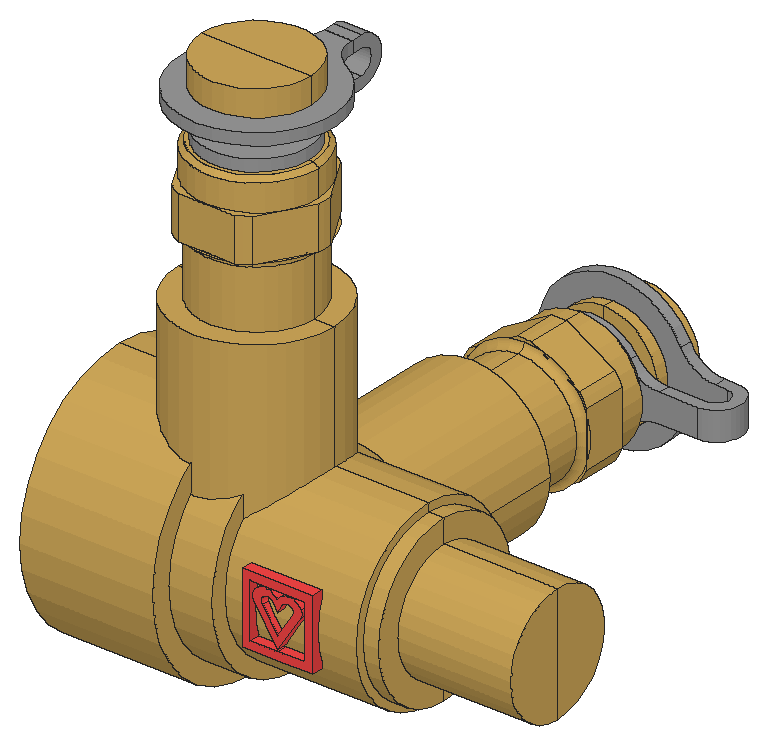
Revit family "Messblende 4000", category Rohrzubehör, Revit 2021
Family settings
  Bemaßung runder Anschluss = Durchmesser verwenden
  Teiletyp = Unterbricht
  OmniClass-Nummer = 23.65.55.14
  OmniClass-Titel = Valves for Liquid Services
  Arbeitsebenenbasiert = Nein
  Immer vertikal = Ja
  Beim Laden mit Abzugskörper schneiden = Nein
  Gemeinsam genutzt = Nein
Parameters
  kvs-Wert [instance] = if(Nennweite = 15.00 mm, 2.2, if(Nennweite = 20.00 mm, 4.25, if(Nennweite = 25.00 mm, 8.6, if(Nennweite = 32.00 mm, 15.9, if(Nennweite = 40.00 mm, 23.7, if(Nennweite = 50.00 mm, 48, 0))))))  # 2.2
  Vorgabe-Ansicht = 0.00 mm
  Verwendung = "HERZ-Messblenden werden in die Strangleitungen von Warmwasser- Zentralheizungsanlagen sowie Kühlanlagen eingebaut und ermöglichen den hydraulischen Abgleich der Strangleitungen untereinander.\r\nDer Einsatz der Messblenden ist im Vorlauf als auch im Rücklauf möglich.\r\nSie werden entweder eng gekoppelt an ein HERZ- Strangregulierventil installiert, um ein komplettes Set zu bilden oder in Verbindung mit einer HERZ Absperrarmatur eingesetzt.\r\nDie Einregulierung des Stranges wird durch Einstellen des Strangregulierventiles während der Druckverlustmessung an der Messblende vorgenommen."
  URL = "www.herz-armaturen.at"
  SCRNSEQ = "AWI;AWI_TYP=\"1001\";02"
  SCRNCODE = "02;01;02"  # constant formula
  S03 = 10.00 mm  # constant formula
  S02 [instance] = S01 - 10.00 mm  # 17.50 mm
  S01 [instance] = H01  # 27.50 mm
  R01 [instance] = size_lookup("4000_", "R1", 1.00 mm, Nennweite)  # 10.00 mm
  Nennweite [instance] = 15.00 mm
  Min. Betriebstemperatur = -20 °C  # constant formula
  Messventile = "Messing, CW602N"  # constant formula
  Medium = "Heizungswasserqualität nach ÖNORM H 5195 oder VDI-Richtline 2035.\r\nDie Verwendung von Ethylen- oder Propylenglykol in einem Mischungsverhältnis 25 - 50 Vol.-% ist zulässig."
  Max. Betriebstemperatur (bis DN32) = 130 °C  # constant formula
  Max. Betriebstemperatur (ab DN40) = 110 °C  # constant formula
  Max. Betriebsdruck = 2000000.0 Pa  # constant formula
  LO01 [instance] = if(Nennweite = 15.00 mm, 30.00 mm, if(Nennweite = 20.00 mm, 32.00 mm, if(Nennweite = 25.00 mm, 37.00 mm, if(Nennweite = 32.00 mm, 42.00 mm, if(Nennweite = 40.00 mm, 42.00 mm, if(Nennweite = 50.00 mm, 45.00 mm, 0.00 mm))))))  # 30.00 mm
  L05 [instance] = size_lookup("4000_", "L5", 1.00 mm, Nennweite)  # 23.00 mm
  L04 [instance] = size_lookup("4000_", "L4", 1.00 mm, Nennweite)  # 16.50 mm
  L03 [instance] = size_lookup("4000_", "L3", 1.00 mm, Nennweite)  # 22.60 mm
  L02 [instance] = size_lookup("4000_", "L2", 1.00 mm, Nennweite)  # 17.00 mm
  L01 [instance] = size_lookup("4000_", "L1", 1.00 mm, Nennweite)  # 17.50 mm
  L00 [instance] = size_lookup("4000_", "L", 1.00 mm, Nennweite)  # 56.00 mm
  IG [instance] = Nennweite / 2  # 7.50 mm
  Hersteller = "HERZ Armaturen Ges.m.b.H."  # constant formula
  H01 [instance] = size_lookup("4000_", "H1", 1.00 mm, Nennweite)  # 27.50 mm
  Gehäuse = "Messing, CC770S"  # constant formula
  GT1 [instance] = size_lookup("4000_", "GT1", 1.00 mm, Nennweite)  # 14.50 mm
  GT [instance] = size_lookup("4000_", "GT", 1.00 mm, Nennweite)  # 13.00 mm
  D04 [instance] = D03 - 1.00 mm  # 10.50 mm
  D03 [instance] = size_lookup("4000_", "D3", 1.00 mm, Nennweite)  # 11.50 mm
  D02 [instance] = size_lookup("4000_", "D2", 1.00 mm, Nennweite)  # 13.50 mm
  D01 [instance] = size_lookup("4000_", "D1", 1.00 mm, Nennweite)  # 16.00 mm
  Bestellnummer [instance] = size_lookup("4000_", "Artnr", 0, Nennweite)  # 1400001
  Ausführung = "Die Messblende aus entzinkungsbeständigem Messing besitzt zwei Messventile. Gemäß EN 10226 hat der Eingang ein Innengewinde Rp und der Ausgang ein Außengewinde R."
  AG [instance] = Nennweite / 2  # 7.50 mm
Reference planes
  plane 1 "Mitte (Vorne/hinten)": y = 0
  plane 2: z = 0
  plane 3 "Mitte (Links/rechts)": x = 0
Forms (mm)
  Revolve 1, solid, material "Messing, weicher Gelbton, geschweißt", detail levels fine
    sketch origin (0, 0, 0) x (1, 0, 0) y (0, 0, 1)
      loop
        line (-4.5, 0) -> (38.5, 0) -> (38.5, 7.5) -> (24, 7.5) -> (24, 10.5) -> (22, 10.5) -> (22, 11.5) -> (5.1, 11.5) -> (5.1, 13.5) -> (-0.5, 13.5) -> (-0.5, 16) -> (-17.5, 16) -> (-17.5, 7.5) -> (-4.5, 7.5) -> (-4.5, 0)
      axis (-17.5, 0) -> (38.5, 0)
    angle from 0 to 360
  Revolve 2, solid, material "Messing, weicher Gelbton, geschweißt", detail levels fine
    sketch origin (0, 0, 0) x (1, 0, 0) y (0, 0, 1)
      loop
        line (-10, 7.5) -> (0, 7.5) -> (0, 27.5) -> (-10, 27.5) -> (-10, 7.5)
      axis (0, 27.5) -> (0, 7.5)
    angle from 0 to 360
  Revolve 3, solid, material "Messing, weicher Gelbton, geschweißt", detail levels fine
    sketch origin (0, 0, 0) x (1, 0, 0) y (0, 1, 0)
      loop
        line (5.5, 7.5) -> (15.5, 7.5) -> (15.5, 27.5) -> (5.5, 27.5) -> (5.5, 7.5)
      axis (5.5, 27.5) -> (5.5, 7.5)
    angle from 0 to 360
Lines and regions (mm)
  model lines, detail levels coarse+medium
    curve 1: line (-17.5, 0, 0) -> (0.5, 0, 0)
    curve 2: line (10.5, 0, -27.5) -> (10.5, 0, 27.5)
    curve 3: line (20.5, 0, 17.5) -> (20.5, 0, -17.5)
    curve 4: line (20.5, 0, 0) -> (38.5, 0, 0)
    curve 5: line (0.5, 0, 17.5) -> (0.5, 0, -17.5)
    curve 6: line (-17.5, 0, 0) -> (0.5, 0, 0)
    curve 7: line (10.5, 27.5, 0) -> (10.5, -27.5, 0)
    curve 8: line (0.5, 17.5, 0) -> (0.5, -17.5, 0)
    curve 9: line (20.5, 17.5, 0) -> (20.5, -17.5, 0)
    curve 10: line (20.5, 0, 0) -> (38.5, 0, 0)
Dimensions and locks
  "L00": Revolve 1 sketch curve to Revolve 1 sketch curve
  "GT": Revolve 1 sketch curve to Revolve 1 sketch curve
  "L01": plane 3 "Mitte (Links/rechts)" to Revolve 1 sketch curve
  "GT1": Revolve 1 sketch curve to Revolve 1 sketch curve
  "L02": Revolve 1 sketch curve to Revolve 1 sketch curve
  "L03": Revolve 1 sketch curve to Revolve 1 sketch curve
  "L04": Revolve 1 sketch curve to Revolve 1 sketch curve
  "AG": Revolve 1 sketch curve to plane 2
  "IG": Revolve 1 sketch curve to plane 2
  "D01": Revolve 1 sketch curve to plane 2
  "D02": Revolve 1 sketch curve to plane 2
  "D03": Revolve 1 sketch curve to plane 2
  "D04": Revolve 1 sketch curve to plane 2
  "D03": nested 1 to plane 1 "Mitte (Vorne/hinten)"
  "LO01": Revolve 1 to nested 1
  "IG": Revolve 2 sketch curve to plane 2
  "H01": Revolve 2 sketch curve to plane 2
  "R01": plane 3 "Mitte (Links/rechts)" to Revolve 2 sketch curve
  "H01": nested 2 to plane 2
  "IG": plane 1 "Mitte (Vorne/hinten)" to Revolve 3 sketch curve
  "H01": plane 1 "Mitte (Vorne/hinten)" to Revolve 3 sketch curve
  "R01": Revolve 3 sketch curve to Revolve 3 sketch curve
  "L05": Revolve 1 to Revolve 3 sketch curve  (x2)
  "H01": plane 1 "Mitte (Vorne/hinten)" to nested 3
  "L05": Revolve 1 to nested 3
  "L01": Revolve 1 to nested 2
  "S01": curve 2 to curve 4 to curve 2
  "L00": curve 1 to curve 4
  "S02": curve 3 to curve 4 to curve 3
  "S03": curve 2 to curve 3
  "S03": curve 2 to curve 5
  equal spacing: curve 4, curve 2, curve 1
  "S02": curve 5 to curve 1 to curve 5
  "L01": plane 3 "Mitte (Links/rechts)" to curve 1
  "L00": curve 6 to curve 10
  equal spacing: curve 6, curve 7, curve 10
  "S03": curve 8 to curve 7 to curve 9
  "S02": curve 9 to curve 10 to curve 9
  "S02": curve 8 to curve 6 to curve 8
  "S01": curve 7 to curve 10 to curve 7
  "L01": curve 6 to plane 3 "Mitte (Links/rechts)"
  aligned and locked: level to plane 2
Automatic sketch dimensions
  curve 4 to level = 0.00 mm
  curve 1 to level = 0.00 mm
  plane 1 "Mitte (Vorne/hinten)" to curve 10 = 0.00 mm
  plane 1 "Mitte (Vorne/hinten)" to curve 6 = 0.00 mm
  Revolve 1 sketch curve to level = 0.00 mm  (x2)
  Revolve 1 sketch curve to Revolve 1 sketch curve = 1489.03 mm
  Revolve 1 sketch curve to Revolve 1 sketch curve = 1800.648 mm
  Revolve 2 sketch curve to plane 3 "Mitte (Links/rechts)" = 0.00 mm  (x2)
  Revolve 2 sketch curve to level = 366.045 mm
  Revolve 2 sketch curve to Revolve 2 sketch curve = 2186.815 mm
  Revolve 3 sketch curve to Revolve 3 sketch curve = 0.00 mm  (x2)
Nested families
  nested 1: "Herz-Logo-vorne" at (12.5, -11.5, 0) x (0, 1, 0) z (0, 0, 1), type "Herz-Logo-vorne", detail levels fine
  nested 2: "Messstutzen_Band_Eintritt_senkrecht_(oben)" at (0, 0, 18.5), type "Messstutzen_Band_Eintritt_senkrecht_(oben)", detail levels fine
    with Schutzkappe yes, Nennweite 0.00 mm, Gewicht 0.00 kg, Bestellnummer 0
  nested 3: "Messstutzen_Band_Austritt_waagrecht" at (5.5, 18.5, 0) x (0, -1, 0) z (0, 0, 1), type "Messstutzen_Band_Austritt_waagrecht", detail levels fine
    with Schutzkappe yes, Nennweite 0.00 mm, Gewicht 0.00 kg, Bestellnummer 0
Connectors
  piping at (-4.5, 0, 0), diameter 15, driven by "Nennweite"
    settings: on Revolve 1, index 1, connector inside diameter 609.6 mm, connector length 0.00 mm, flow factor 0, pipe flow 0.0 L/s, pressure drop 0.0 Pa, fitting loss kfactor 0, connector angle 0.00°, fixture units 0, engagement length 0.00 mm, angle of deflection 0.00°, flow configuration 0, flow direction 1, fitting loss method 0, system type 29, joint type 0, gender type 0, connector reference index -1, connector utility 0, adjustable connector no, is connector primary yes, connector description ""
  piping at (38.5, 0, 0), diameter 15, driven by "Nennweite"
    settings: on Revolve 1, index 2, connector inside diameter 609.6 mm, connector length 0.00 mm, flow factor 0, pipe flow 0.0 L/s, pressure drop 0.0 Pa, fitting loss kfactor 0, connector angle 0.00°, fixture units 0, engagement length 0.00 mm, angle of deflection 0.00°, flow configuration 0, flow direction 2, fitting loss method 0, system type 29, joint type 0, gender type 0, connector reference index -1, connector utility 0, adjustable connector no, is connector primary no, connector description ""
Definition of nested family "Herz-Logo-vorne"
  Parameters (values of type "Herz-Logo-vorne")
    Default Elevation = 0.00 mm
  Reference planes
    plane 1 "Mitte (Vorne/hinten)": y = 0
    plane 2: z = 0
    plane 3 "Mitte (Links/rechts)": x = 0
  Forms (mm)
    Extrusion 1, solid
      sketch origin (0.732, -0.018, 0.017) x (0, -1, 0) y (0, 0, 1)
        loop
          line (-0.018, -4.517) -> (4.482, -4.517) -> (4.482, 4.483) -> (-4.518, 4.483) -> (-4.518, -4.517) -> (-0.018, -4.517)
        loop
          line (-0.05, -3.48) -> (3.482, -3.48) -> (3.482, 3.483) -> (-3.518, 3.483) -> (-3.518, -3.48) -> (-0.05, -3.48)
        loop
          arc (-0.018, 2.383) -> (-1.543, 3.287) -> (-3.067, 2.383) r 1.738
          arc (-3.067, 2.383) -> (-3.191, 1.899) -> (-3.067, 1.415) r 1.009
          line (-3.067, 1.415) -> (-0.018, -3.281) -> (3.032, 1.415)
          arc (3.032, 1.415) -> (3.156, 1.899) -> (3.032, 2.383) r 1.009
          arc (3.032, 2.383) -> (1.507, 3.287) -> (-0.018, 2.383) r 1.738
        loop
          arc (1.885, 1.272) -> (2.005, 1.675) -> (1.885, 2.079) r 0.74
          arc (1.885, 2.079) -> (1.265, 2.416) -> (0.644, 2.079) r 0.74
          line (0.644, 2.079) -> (-0.018, 0.97) -> (-0.679, 2.079)
          arc (-0.679, 2.079) -> (-1.3, 2.416) -> (-1.921, 2.079) r 0.74
          arc (-1.921, 2.079) -> (-2.04, 1.675) -> (-1.921, 1.272) r 0.74
          line (-1.921, 1.272) -> (-0.018, -1.658) -> (1.885, 1.272)
      from 0 to 1.5
  Dimensions and locks
    aligned and locked: level to plane 2
Definition of nested family "Messstutzen_Band_Eintritt_senkrecht_(oben)"
  Parameters (values of type "Messstutzen_Band_Eintritt_senkrecht_(oben)")
    Default Elevation = 0.00 mm
    URL = "www.herz-armaturen.at"
    Schutzkappe [instance] = yes
    Nennweite [instance] = 0.00 mm
    Manufacturer = "Herz Armaturen GmbH"  # constant formula
    Gewicht [instance] = 0.00 kg
    Bestellnummer [instance] = 0
  Reference planes
    plane 1 "Mitte (Vorne/hinten)": y = 0
    plane 2: z = 0
    plane 3 "Mitte (Links/rechts)": x = 0
    plane 4 "Schlaufe 1": z = -27
    plane 5 "Schlaufe 2": z = -31.678
  Forms (mm)
    Revolve 1, solid, detail levels fine
      sketch origin (0, 0, 0) x (1, 0, 0) y (0, 0, 1)
        loop
          line (-7.4, 9) -> (-5.55, 9) -> (-5.55, 6)
          arc (-5.55, 6) -> (-5.626, 5.617) -> (-5.843, 5.293) r 1
          line (-5.843, 5.293) -> (-6.455, 4.681) -> (-6.455, 0.9) -> (-5.555, 0) -> (-2, 0) -> (-2, 17.5) -> (-8.4, 17.5)
          arc (-8.4, 17.5) -> (-7.693, 17.207) -> (-7.4, 16.5) r 1
          line (-7.4, 16.5) -> (-7.4, 9)
        loop
          line (-3.7, 27) -> (-7.3, 27) -> (-7.9, 26.4) -> (-7.9, 23) -> (-2, 23) -> (-2, 35.8) -> (-3.805, 35.8) -> (-4.415, 35.19) -> (-4.415, 30.863) -> (-3.7, 30.45) -> (-3.7, 27)
        axis (0, 0) -> (0, 35.8)
      angle from 0 to 360
    Extrusion 2, solid, detail levels fine
      sketch origin (0, 0, 17.5) x (0, 1, 0) y (-1, 0, 0)
        loop
          arc (-7.07, 5.156) -> (-7.578, 4.375) -> (-8, 3.544) r 8.75
          line (-8, 3.544) -> (-8, -3.544)
          arc (-8, -3.544) -> (-7.578, -4.375) -> (-7.07, -5.156) r 8.75
          line (-7.07, -5.156) -> (-0.93, -8.7)
          arc (-0.93, -8.7) -> (0, -8.75) -> (0.93, -8.7) r 8.75
          line (0.93, -8.7) -> (7.07, -5.156)
          arc (7.07, -5.156) -> (7.578, -4.375) -> (8, -3.544) r 8.75
          line (8, -3.544) -> (8, 3.544)
          arc (8, 3.544) -> (7.578, 4.375) -> (7.07, 5.156) r 8.75
          line (7.07, 5.156) -> (0.93, 8.7)
          arc (0.93, 8.7) -> (0, 8.75) -> (-0.93, 8.7) r 8.75
          line (-0.93, 8.7) -> (-7.07, 5.156)
      from 0 to 5.5
    Revolve 3, solid, visible <- "Schutzkappe", detail levels fine
      sketch origin (0, 0, 0) x (1, 0, 0) y (0, 0, 1)
        loop
          line (0, 35.878) -> (0, 36.678) -> (-7, 36.678) -> (-7, 33.378) -> (-6.1, 33.378) -> (-6.1, 31.678) -> (-6.9, 31.678) -> (-6.9, 30.178) -> (-4.415, 30.178) -> (-4.415, 35.268) -> (-3.805, 35.878) -> (0, 35.878)
        axis (0, 30.178) -> (0, 36.678)
      angle from 0 to 360
    Extrusion 4, solid, detail levels fine
      sketch origin (0, 0, 28.5) x (1, 0, 0) y (0, 1, 0)
        loop
          circle (0, 0) r 3.7
        loop
          arc (-3.906, 5.505) -> (0, -6.75) -> (3.906, 5.505) r 6.75
          arc (3.906, 5.505) -> (2.358, 7.288) -> (1.8, 9.582) r 5
          line (1.8, 9.582) -> (-1.8, 9.582)
          arc (-1.8, 9.582) -> (-2.358, 7.288) -> (-3.906, 5.505) r 5
      from 0 to -1.5
    Extrusion 5, solid, detail levels fine
      sketch origin (0, 0, 33.178) x (1, 0, 0) y (0, 1, 0)
        loop
          circle (0, 0) r 6.1
        loop
          arc (-4.495, 8.652) -> (0, -9.75) -> (4.495, 8.652) r 9.75
          arc (4.495, 8.652) -> (2.527, 10.493) -> (1.8, 13.089) r 5
          line (1.8, 13.089) -> (-1.8, 13.089)
          arc (-1.8, 13.089) -> (-2.527, 10.493) -> (-4.495, 8.652) r 5
      from 0 to -1.5
    Sweep 6, solid, detail levels fine
      path origin (0, 0, 0) x (0, 0, -1) y (0, -1, 0)
        loop
          line (-27.75, -9.582) -> (-27.75, -14.522)
          arc (-27.75, -14.522) -> (-30.089, -16.862) -> (-32.428, -14.522) r 2.339
          line (-32.428, -14.522) -> (-32.428, -13.089)
      profile origin (0, 12.052, 27.75) x (0, 0, 1) y (1, 0, 0)
        loop
          line (-0.75, -1.8) -> (0.75, -1.8) -> (0.75, 1.8) -> (-0.75, 1.8) -> (-0.75, -1.8)
  Dimensions and locks
    aligned and locked: level to plane 2
Definition of nested family "Messstutzen_Band_Austritt_waagrecht"
  Parameters (values of type "Messstutzen_Band_Austritt_waagrecht")
    Default Elevation = 0.00 mm
    URL = "www.herz-armaturen.at"
    Schutzkappe [instance] = yes
    Nennweite [instance] = 0.00 mm
    Manufacturer = "Herz Armaturen GmbH"  # constant formula
    Gewicht [instance] = 0.00 kg
    Bestellnummer [instance] = 0
  Reference planes
    plane 1 "Mitte (Vorne/hinten)": y = 0
    plane 2: z = 0
    plane 3 "Mitte (Links/rechts)": x = 0
  Forms (mm)
    Revolve 1, solid, detail levels fine
      sketch origin (0, 0, 0) x (0, 0, -1) y (1, 0, 0)
        loop
          line (-7.4, -9) -> (-7.4, -16.5)
          arc (-7.4, -16.5) -> (-7.693, -17.207) -> (-8.4, -17.5) r 1
          line (-8.4, -17.5) -> (-2, -17.5) -> (-2, 0) -> (-5.555, 0) -> (-6.455, -0.9) -> (-6.455, -4.681) -> (-5.843, -5.293)
          arc (-5.843, -5.293) -> (-5.626, -5.617) -> (-5.55, -6) r 1
          line (-5.55, -6) -> (-5.55, -9) -> (-7.4, -9)
        loop
          line (-3.7, -27) -> (-3.7, -30.45) -> (-4.415, -30.863) -> (-4.415, -35.19) -> (-3.805, -35.8) -> (-2, -35.8) -> (-2, -23) -> (-7.9, -23) -> (-7.9, -26.4) -> (-7.3, -27) -> (-3.7, -27)
        axis (0, 0) -> (0, -35.8)
      angle from 0 to 360
    Extrusion 2, solid, detail levels fine
      sketch origin (-17.5, 0, 0) x (0, 0, 1) y (0, 1, 0)
        loop
          line (5.156, -7.07) -> (8.7, -0.93)
          arc (8.7, -0.93) -> (8.75, 0) -> (8.7, 0.93) r 8.75
          line (8.7, 0.93) -> (5.156, 7.07)
          arc (5.156, 7.07) -> (4.375, 7.578) -> (3.544, 8) r 8.75
          line (3.544, 8) -> (-3.544, 8)
          arc (-3.544, 8) -> (-4.375, 7.578) -> (-5.156, 7.07) r 8.75
          line (-5.156, 7.07) -> (-8.7, 0.93)
          arc (-8.7, 0.93) -> (-8.75, 0) -> (-8.7, -0.93) r 8.75
          line (-8.7, -0.93) -> (-5.156, -7.07)
          arc (-5.156, -7.07) -> (-4.375, -7.578) -> (-3.544, -8) r 8.75
          line (-3.544, -8) -> (3.544, -8)
          arc (3.544, -8) -> (4.375, -7.578) -> (5.156, -7.07) r 8.75
      from 0 to 5.5
    Revolve 3, solid, visible <- "Schutzkappe", detail levels fine
      sketch origin (0, 0, 0) x (0, 0, -1) y (1, 0, 0)
        loop
          line (0, -35.878) -> (-3.805, -35.878) -> (-4.415, -35.268) -> (-4.415, -30.178) -> (-6.9, -30.178) -> (-6.9, -31.678) -> (-6.1, -31.678) -> (-6.1, -33.378) -> (-7, -33.378) -> (-7, -36.678) -> (0, -36.678) -> (0, -35.878)
        axis (0, -30.178) -> (0, -36.678)
      angle from 0 to 360
    Extrusion 4, solid, detail levels fine
      sketch origin (-27, 0, 0) x (0, 1, 0) y (0, 0, 1)
        loop
          circle (0, 0) r 3.7
        loop
          arc (5.505, 3.906) -> (-6.75, 0) -> (5.505, -3.906) r 6.75
          arc (5.505, -3.906) -> (7.288, -2.358) -> (9.582, -1.8) r 5
          line (9.582, -1.8) -> (9.582, 1.8)
          arc (9.582, 1.8) -> (7.288, 2.358) -> (5.505, 3.906) r 5
      from 0 to -1.5
    Extrusion 5, solid, detail levels fine
      sketch origin (-31.678, 0, 0) x (0, 1, 0) y (0, 0, 1)
        loop
          circle (0, 0) r 6.1
        loop
          arc (8.652, 4.495) -> (-9.75, 0) -> (8.652, -4.495) r 9.75
          arc (8.652, -4.495) -> (10.493, -2.527) -> (13.089, -1.8) r 5
          line (13.089, -1.8) -> (13.089, 1.8)
          arc (13.089, 1.8) -> (10.493, 2.527) -> (8.652, 4.495) r 5
      from 0 to -1.5
    Sweep 6, solid, detail levels fine
      path origin (0, 0, 0) x (0, -1, 0) y (1, 0, 0)
        loop
          line (-9.582, -27.75) -> (-14.522, -27.75)
          arc (-14.522, -27.75) -> (-16.862, -30.089) -> (-14.522, -32.428) r 2.339
          line (-14.522, -32.428) -> (-13.089, -32.428)
      profile origin (-27.75, 12.052, 0) x (-1, 0, 0) y (0, 0, 1)
        loop
          line (-0.75, 1.8) -> (-0.75, -1.8) -> (0.75, -1.8) -> (0.75, 1.8) -> (-0.75, 1.8)
  Cuts and joins
    joined: Extrusion 4, Extrusion 5, Sweep 6
  Dimensions and locks
    aligned and locked: level to plane 2
